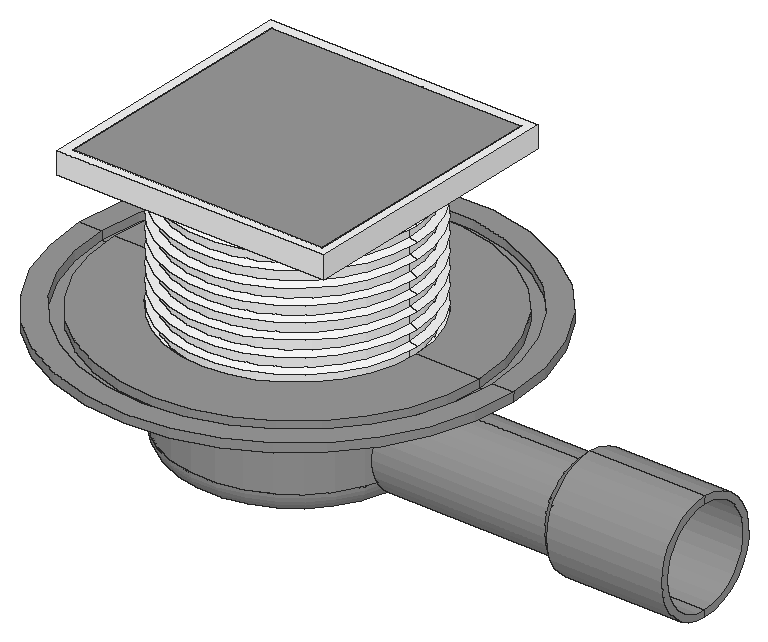
Revit family "HL_Трап для балконов и террас_HL90", category Instalační zařizovací předměty, Revit 2020
Family settings
  Kóta kulaté spojky = Použít průměr
  Typ dílu = Normální
  Číslo OmniClass = 23.70.50.21.24.14
  Nadpis OmniClass = Deck Waste Water Drains
  Založené na pracovní rovině = Ne
  Vždy vertikální = Ano
  Ořezat dutým tvarem při načtení = Ne
  Sdílené = Ne
  Bod výpočtu místnosti = Ano
Parameters (values of type "HL_Трап для балконов и террас_HL90")
  РЕШЁТКА = "Edelstahl 115x115mm"
  РАЗМЕР = "DN40/50"
  ПРОПУСКНАЯ СПОСОБНОСТЬ [instance] = 0.0 L/s
  ПРОИЗВОДИТЕЛЬНОСТЬ = "0,56 l/s"
  ПРАВОВАЯ ИНФОРМАЦИЯ = "\"Авторские права(©), права на дизайн или какие либо другие права интелектуальной собственности являются исключительной собственностью компании HL Hutterer & Lechner. Изменению не подлежит. Файл семейства с данными о прозводителе изделия защищен паролем с водяным знаком.\""
  НОМИНАЛЬНЫЙ ДИАМЕТР [instance] = 50 mm
  НАСАДКА = "12-70mm/123x123mm"
  МАТЕРИАЛ = "PP"
  МАКСИМАЛЬНАЯ НАГРУЗКА КЛАССА = "K3 -300kg"
  ВЫСОТА МОНТАЖА = "57mm"
  ВЕС = "0,425 kg"
  Výrobce = "HL Hutterer & Lechner GmbH"
  Výchozí výška = 0 mm
  URL = "http://www.hutterer-lechner.com/ru/products/catalog/roof-drains/HL90.aspx"
  Материал плитка [instance] = none
  Přípoj ventilace = no
  Přípoj odpadních dílů = yes
  Přípoj HW = no
  Přípoj CW = no
  Popis = "Трап для балконов и террас"
  Model = "HL90"
  Assembly Code = " "
  Komentáře k typům = "Трап для балконов и террасс DN40/50 горизонтальный 123х123мм/115х115мм"
  Keynote = "HL90"
  IH [instance] = Высота монтажа 1 + Высота монтажа 2  # 70 mm
  Высота монтажа 2 [instance] = 0 mm
  Высота монтажа 1 [instance] = 70 mm
  G [instance] = 90.00°  # constant formula
  EAN = "9003076006359"
  D [instance] = if(НОМИНАЛЬНЫЙ ДИАМЕТР = 50 mm, 188 mm, 130 mm)  # 188 mm
  C [instance] = if(IH - 68 mm < 0 mm, 0 mm, IH - 68 mm)  # 2 mm
  B [instance] = IH + 37 mm  # 107 mm
  A [instance] = if(B - 100 mm > 15 mm, B - 100 mm, 15 mm)  # 15 mm
Reference planes
  plane 1 "Center (Front/Back)": y = 0
  plane 2: z = 0
  plane 3 "Center (Left/Right)": x = 0
  plane 4: z = -107
  plane 5: z = -70
  plane 6: z = -70
Lines and regions (mm)
  model lines, style "InvisibleLines"
    curve 1: line (0, 0, 0) -> (0, 0, 20)
  model lines, style "PlumbingFixtures", detail levels coarse+medium
    curve 2: line (0, 0, -107) -> (0, 0, -92)
    curve 3: line (0, 0, -92) -> (-92, 0, 0)
    curve 4: line (0, 0, -92) -> (92, 0, 0)
    curve 6: line (0, 0, -107) -> (188, 0, -107)
  reference lines, not visible
    curve 5: line (0, 0, -107) -> (188, 0, -107)
  symbolic lines, style "PlumbingFixtures", detail levels coarse+medium
    curve 7: line (-75, 75, 0) -> (75, 75, 0)
    curve 8: line (-75, -75, 0) -> (-75, 75, 0)
    curve 9: line (75, -75, 0) -> (-75, -75, 0)
    curve 10: line (75, 75, 0) -> (75, -75, 0)
    curve 11: line (-75, 75, 0) -> (-145.711, 145.711, 0)
    curve 12: line (75, 75, 0) -> (145.711, 145.711, 0)
    curve 13: line (-75, -75, 0) -> (-145.711, -145.711, 0)
    curve 14: line (75, -75, 0) -> (145.711, -145.711, 0)
  symbolic lines, style "PlumbingFixtures", not visible, detail levels coarse+medium
    curve 15: line (-75, 75, 0) -> (75, 75, 0)
    curve 16: line (-75, -75, 0) -> (-75, 75, 0)
    curve 17: line (75, -75, 0) -> (-75, -75, 0)
    curve 18: line (75, 75, 0) -> (75, -75, 0)
    curve 19: line (-75, 75, 0) -> (-145.711, 145.711, 0)
    curve 20: line (75, 75, 0) -> (145.711, 145.711, 0)
    curve 21: line (-75, -75, 0) -> (-145.711, -145.711, 0)
    curve 22: line (75, -75, 0) -> (145.711, -145.711, 0)
Text (mm)
  text "FLOOR" at (-162.344, 0, -10.979), in view "вид строительства"
Dimensions and locks
  "B": plane 2 to plane 4
  "IH": plane 2 to plane 5
  "A": curve 4 to plane 4
  "D": curve 5 to curve 5
  "D": curve 6 to curve 6
  "Высота монтажа 1": plane 2 to plane 6
  locked: curve 4 to plane 3 "Center (Left/Right)" (angle 45.00°)
  locked: plane 3 "Center (Left/Right)" to curve 3 (angle 45.00°)
  "G": angle curve 5 to plane 3 "Center (Left/Right)"
  aligned and locked: level to plane 2
  aligned and locked: plane 2 to curve 4
  aligned and locked: plane 2 to curve 3
  aligned and locked: plane 4 to curve 5
  aligned and locked: plane 3 "Center (Left/Right)" to curve 5
  aligned and locked: plane 4 to curve 2
  aligned and locked: curve 6 to plane 3 "Center (Left/Right)"
  aligned and locked: curve 6 to plane 4
  aligned and locked: plane 2 to nested 3
  aligned and locked: nested 1 to nested 3
  aligned and locked: plane 3 "Center (Left/Right)" to nested 4
  aligned and locked: plane 3 "Center (Left/Right)" to nested 2
  aligned and locked: plane 3 "Center (Left/Right)" to nested 1
  aligned and locked: plane 2 to nested 1
  aligned and locked: nested 2 to nested 1
  aligned and locked: nested 4 to plane 5
Automatic sketch dimensions
  curve 2 to plane 3 "Center (Left/Right)" = 0 mm
  curve 1 to plane 3 "Center (Left/Right)" = 0 mm
  curve 1 to level = 0 mm
  level to curve 1 = 20 mm
Nested families
  nested 1: "HL-Насадка-HL037N.2E" at (0, 0, 0), Высота монтажа <- "Высота монтажа 1", type "HL-Насадка-HL037N.2E"
    with Высота монтажа 70 mm, RN 11, RL 71.5 mm, R yes, NL_Test yes, NL 90 mm
  nested 2: "HL-Песколовка-HL090.0E" at (0, 0, -8), type "HL-Песколовка-HL090.0E"
  nested 3: "HL-Pешётка-HL037Pr.1E" at (0, 0, 0), type "HL_Pешётка_HL037Pr.1E"
  nested 4: "HL-Корпус для трапа внутренних помещений-HL90K" at (0, 0, -70) x (-1, 0, 0) z (0, 0, 1), DN <- "НОМИНАЛЬНЫЙ ДИАМЕТР", type "HL90K_Main Component"
    with V 0 mm, DN 50 mm
Connectors
  piping at (188, 0, -107), diameter 50, driven by "ПРОПУСКНАЯ СПОСОБНОСТЬ", driven by "НОМИНАЛЬНЫЙ ДИАМЕТР"
    settings: on curve 5, index 1, connector inside diameter 609.6 mm, connector length 0 mm, flow factor 0, pipe flow 0.0 L/s, pressure drop 0.0 Pa, fitting loss kfactor 0, connector angle 0.00°, fixture units 0, engagement length 0 mm, angle of deflection 0.00°, flow configuration 1, flow direction 2, fitting loss method 0, system type 16, joint type 0, gender type 0, connector reference index -1, connector utility 0, adjustable connector yes, is connector primary yes, connector description ""
Definition of nested family "HL-Насадка-HL037N.2E"
  Parameters
    РАЗМЕР = "d 110 mm"
    ПРАВОВАЯ ИНФОРМАЦИЯ = "Авторские права(©), права на дизайн или какие либо другие права интелектуальной собственности являются исключительной собственностью компании HL Hutterer & Lechner. Изменению не подлежит. Файл семейства с данными о прозводителе изделия защищен паролем с водяным знаком."  # constant formula
    НАСАДКА = "123x123mm"
    МАТЕРИАЛ = "PP"
    Высота монтажа [instance] = 70 mm
    ВЫСОТА МОНТАЖА = "12-70mm"
    ВЕС = "0,08 [kg]"
    Waste Connection = yes
    Default Elevation = 0 mm
    Vent Connection = no
    RD = 6.5 mm  # constant formula
    R [instance] = ((Высота монтажа - NL_Min) / RD - 1) > 2  # yes
    RL [instance] = if(Высота монтажа < 18 mm, 1 mm, RD * RN)  # 71.5 mm
    NL_Test [instance] = and(or(Высота монтажа < NL_Max, Высота монтажа = NL_Max), or(Высота монтажа > NL_Min, Высота монтажа = NL_Min))  # yes
    NL_Min = 12 mm
    NL_Max = 70 mm
    NL [instance] = if(NL_Test, Высота монтажа + 20 mm, 0 mm)  # 90 mm
    RN [instance] = if((Высота монтажа + 20 mm - NL_Min) / RD - 1 < 2, 2, (Высота монтажа + 20 mm - NL_Min) / RD - 1)  # 11
    Manufacturer = "HL Hutterer & Lechner GmbH"  # constant formula
    URL = "http://www.hutterer-lechner.com/ru/products/catalog/floor-drains/attachments/HL037pr.11e.aspx"
    HW Connection = no
    Description = "Трапы для внутренних помещений - Комплектующие"
    Model = "HL037N.2E"
    Type Comments = "HL037N.2E Насадные подрамники d 110мм/90мм/123х123мм с О-кольцом"
    Keynote = "HL037N.2E"
    EAN = "9003076015290"
    CW Connection = no
  Reference planes
    plane 1 "Center (Front/Back)": y = 0
    plane 2: z = 0
    plane 3 "Center (Left/Right)": x = 0
    plane 4 "Ball Joint Vertical": x = 25.45
    plane 5: z = -90
  Forms (mm)
    Extrusion 1, solid, detail levels fine
      sketch origin (0, 0, 0) x (1, 0, 0) y (0, 1, 0)
        loop
          line (-61.5, 61.5) -> (-61.5, -61.5) -> (61.5, -61.5) -> (61.5, 61.5) -> (-61.5, 61.5)
      from -10 to 0
    Extrusion 2, solid, detail levels fine
      sketch origin (0, 0, 0) x (1, 0, 0) y (0, 1, 0)
        loop
          circle (0, 0) r 51.744
      from -90 to -10
    Extrusion 3, void
      sketch origin (0, 0, 0) x (1, 0, 0) y (0, 1, 0)
        loop
          line (-57.5, 57.5) -> (-57.5, -57.5) -> (57.5, -57.5) -> (57.5, 57.5) -> (-57.5, 57.5)
      from 0 to -8
  Cuts and joins
    Extrusion 3 cuts Extrusion 1
  Lines and regions (mm)
    symbolic lines
      curve 1: line (0, 0, -90) -> (0, 0, 0)
    model lines
      curve 2: line (0, 0, 0) -> (0, 0, 100)
  Text (mm)
    text "ROOF/FLOOR" at (-198.233, 0, -26.556), in view "Drain Construction View"
  Dimensions and locks
    locked: plane 4 "Ball Joint Vertical" to plane 3 "Center (Left/Right)" at 25.45
    "NL": plane 2 to plane 5
    equal spacing: group 1, group 3, group 4, group 5, group 6, group 7, group 8, group 9, group 10, group 11, group 2  (x3)
    "RL": nested 2 to nested 1
    locked: nested 1 to plane 5 at 1.516
    aligned and locked: level to plane 2
    aligned and locked: plane 3 "Center (Left/Right)" to nested 1
    aligned and locked: plane 1 "Center (Front/Back)" to nested 1
    aligned and locked: plane 2 to curve 1
    aligned and locked: plane 5 to curve 1
    aligned and locked: Extrusion 2 to plane 5
  Automatic sketch dimensions
    Extrusion 1 sketch curve to plane 3 "Center (Left/Right)" = 61.5 mm
    plane 4 "Ball Joint Vertical" to Extrusion 1 sketch curve = 36.05 mm
    plane 1 "Center (Front/Back)" to Extrusion 1 sketch curve = 61.5 mm
    Extrusion 1 sketch curve to plane 1 "Center (Front/Back)" = 61.5 mm
    plane 1 "Center (Front/Back)" to Extrusion 2 sketch curve = 0 mm
    Extrusion 2 sketch curve to plane 3 "Center (Left/Right)" = 0 mm
    Extrusion 3 sketch curve to plane 3 "Center (Left/Right)" = 57.5 mm
    plane 4 "Ball Joint Vertical" to Extrusion 3 sketch curve = 32.05 mm
    plane 1 "Center (Front/Back)" to Extrusion 3 sketch curve = 57.5 mm
    Extrusion 3 sketch curve to plane 1 "Center (Front/Back)" = 57.5 mm
    curve 2 to plane 3 "Center (Left/Right)" = 0 mm
    level to curve 2 = 100 mm
    radius of Extrusion 2 sketch curve = 51.744 mm
  Nested families
    nested 1: "Ring" at (0, 0, -88.484), visible <- "R", type "Ring"
    nested 2: "Ring" at (0, 0, -16.984), visible <- "R", type "Ring"
    nested 3: "Ring" at (0, 0, -81.334), visible <- "R", type "Ring"
    nested 4: "Ring" at (0, 0, -74.184), visible <- "R", type "Ring"
    nested 5: "Ring" at (0, 0, -67.034), visible <- "R", type "Ring"
    nested 6: "Ring" at (0, 0, -59.884), visible <- "R", type "Ring"
    nested 7: "Ring" at (0, 0, -52.734), visible <- "R", type "Ring"
    nested 8: "Ring" at (0, 0, -45.584), visible <- "R", type "Ring"
    nested 9: "Ring" at (0, 0, -38.434), visible <- "R", type "Ring"
    nested 10: "Ring" at (0, 0, -31.284), visible <- "R", type "Ring"
    nested 11: "Ring" at (0, 0, -24.134), visible <- "R", type "Ring"
  Definition of nested family "Ring"
    Parameters (values of type "Ring")
      Manufacturer = ""
      Default Elevation = 0 mm
      URL = ""
      R = D / 2  # 51.5 mm
      Description = ""
      Model = ""
      Material = none
      Type Comments = ""
      D = 103 mm
      Cost = 0
    Reference planes
      plane 1 "Střed (vpředu/vzadu)": y = 0
      plane 2: z = 0
      plane 3 "Střed (vlevo/vpravo)": x = 0
    Forms (mm)
      Revolve 1, solid, material <- "Material", detail levels fine
        sketch origin (0, 0, 0) x (1, 0, 0) y (0, 0, 1)
          loop
            line (-51.5, 1.482) -> (-54.764, 0) -> (-51.5, -1.516) -> (-51.5, 1.482)
          axis (0, 1.482) -> (0, -1.516)
        angle from 0 to 360
    Dimensions and locks
      "R": Revolve 1 sketch curve to plane 3 "Střed (vlevo/vpravo)"
      aligned and locked: level to plane 2
      aligned and locked: Revolve 1 sketch curve to plane 3 "Střed (vlevo/vpravo)"
    Automatic sketch dimensions
      Revolve 1 sketch curve to level = 0 mm
      Revolve 1 sketch curve to Revolve 1 sketch curve = 3.264 mm
      Revolve 1 sketch curve to level = 1.516 mm
      level to Revolve 1 sketch curve = 1.482 mm
      Revolve 1 sketch curve to level = 381 mm
      Revolve 1 sketch curve to Revolve 1 sketch curve = 2212.833 mm
Definition of nested family "HL-Песколовка-HL090.0E"
  Parameters (values of type "HL-Песколовка-HL090.0E")
    ПРАВОВАЯ ИНФОРМАЦИЯ = "\"Авторские права(©), права на дизайн или какие либо другие права интелектуальной собственности являются исключительной собственностью компании HL Hutterer & Lechner. Изменению не подлежит. Файл семейства с данными о прозводителе изделия защищен паролем с водяным знаком.\""
    МАТЕРИАЛ = "PP"
    ВЕС = "0,016 kg"
    Manufacturer = "HL Hutterer & Lechner GmbH"
    Default Elevation = 0 mm
    URL = "http://www.hutterer-lechner.com/ru/products/catalog/roof-drains/HL090.0E.aspx"
    Description = "Песколовка"
    Model = "HL090.0E"
    Материал = none
    Type Comments = "Песколовка (HL90)"
    Keynote = "HL090.0E"
    Высота монтажа [instance] = 0 mm
    EAN = "9003076015542"
    Cost = 0
  Reference planes
    plane 1 "Střed (vpředu/vzadu)": y = 0
    plane 2: z = 0
    plane 3 "Střed (vlevo/vpravo)": x = 0
  Forms (mm)
    Extrusion 1, solid, material <- "Материал", detail levels fine
      sketch origin (0, 0, 0) x (1, 0, 0) y (0, 1, 0)
        loop
          circle (0, 0) r 49.7
        loop
          circle (0, 0) r 46.965
      from 0 to -32
    Extrusion 2, solid, material <- "Материал", detail levels fine
      sketch origin (0, 0, 0) x (1, 0, 0) y (0, 1, 0)
        loop
          circle (0, 0) r 47.908
      from -32 to -30
    Extrusion 3, solid, material <- "Материал", detail levels fine
      sketch origin (0, 0, 0) x (1, 0, 0) y (0, 1, 0)
        loop
          arc (-10, 45.888) -> (0, 46.965) -> (10, 45.888) r 46.965
          line (10, 45.888) -> (10, 47.864)
          arc (10, 47.864) -> (8.715, 51.212) -> (5.519, 52.84) r 5.004
          arc (5.519, 52.84) -> (2.763, 53.057) -> (0, 53.129) r 52.802
          arc (0, 53.129) -> (-2.763, 53.057) -> (-5.519, 52.84) r 52.802
          arc (-5.519, 52.84) -> (-8.715, 51.212) -> (-10, 47.864) r 5.004
          line (-10, 47.864) -> (-10, 45.888)
      from 0 to -2
    Extrusion 4, solid, material <- "Материал", detail levels fine
      sketch origin (0, 0, 0) x (0, -1, 0) y (1, 0, 0)
        loop
          line (-10, -45.888) -> (-10, -47.864)
          arc (-10, -47.864) -> (-8.715, -51.212) -> (-5.519, -52.84) r 5.004
          arc (-5.519, -52.84) -> (-2.763, -53.057) -> (0, -53.129) r 52.802
          arc (0, -53.129) -> (2.763, -53.057) -> (5.519, -52.84) r 52.802
          arc (5.519, -52.84) -> (8.715, -51.212) -> (10, -47.864) r 5.004
          line (10, -47.864) -> (10, -45.888)
          arc (10, -45.888) -> (0, -46.965) -> (-10, -45.888) r 46.965
      from 0 to -2
    Extrusion 5, solid, material <- "Материал", detail levels fine
      sketch origin (0, 0, 0) x (0, -1, 0) y (1, 0, 0)
        loop
          arc (-10, 45.888) -> (0, 46.965) -> (10, 45.888) r 46.965
          line (10, 45.888) -> (10, 47.864)
          arc (10, 47.864) -> (8.715, 51.212) -> (5.519, 52.84) r 5.004
          arc (5.519, 52.84) -> (2.763, 53.057) -> (0, 53.129) r 52.802
          arc (0, 53.129) -> (-2.763, 53.057) -> (-5.519, 52.84) r 52.802
          arc (-5.519, 52.84) -> (-8.715, 51.212) -> (-10, 47.864) r 5.004
          line (-10, 47.864) -> (-10, 45.888)
      from 0 to -2
    Extrusion 6, solid, material <- "Материал", detail levels fine
      sketch origin (0, 0, 0) x (1, 0, 0) y (0, 1, 0)
        loop
          line (-10, -45.888) -> (-10, -47.864)
          arc (-10, -47.864) -> (-8.715, -51.212) -> (-5.519, -52.84) r 5.004
          arc (-5.519, -52.84) -> (-2.763, -53.057) -> (0, -53.129) r 52.802
          arc (0, -53.129) -> (2.763, -53.057) -> (5.519, -52.84) r 52.802
          arc (5.519, -52.84) -> (8.715, -51.212) -> (10, -47.864) r 5.004
          line (10, -47.864) -> (10, -45.888)
          arc (10, -45.888) -> (0, -46.965) -> (-10, -45.888) r 46.965
      from 0 to -2
    Extrusion 7, solid, material <- "Материал", detail levels fine
      sketch origin (0, 0, 0) x (1, 0, 0) y (0, 0, 1)
        loop
          line (-14.091, -30) -> (14, -30) -> (7.496, -19.038) -> (-7.504, -19.038) -> (-14.091, -30)
      from -0.969 to 1.035
  Cuts and joins
    joined: Extrusion 1, Extrusion 2, Extrusion 3, Extrusion 4, Extrusion 5, Extrusion 6, Extrusion 7
  Dimensions and locks
    aligned and locked: level to plane 2
Definition of nested family "HL-Pешётка-HL037Pr.1E"
  Parameters
    РАЗМЕР = "115x115mm"
    ПРАВОВАЯ ИНФОРМАЦИЯ = "\"Авторские права(©), права на дизайн или какие либо другие права интелектуальной собственности являются исключительной собственностью компании HL Hutterer & Lechner. Изменению не подлежит. Файл семейства с данными о прозводителе изделия защищен паролем с водяным знаком.\""
    МАТЕРИАЛ = "Edelstahl"
    МАКСИМАЛЬНАЯ НАГРУЗКА КЛАССА = "K - 300kg"
    ВЕС = "0,156 kg"
    Waste Connection = no
    Default Elevation = 0 mm
    Vent Connection = no
    Manufacturer = "HL Hutterer & Lechner GmbH"
    URL = "http://www.hutterer-lechner.com/ru/Products/catalog/floor-drains/HL037Pr.1E.aspx"
    HW Connection = no
    Description = "Решётка из нержавеющей стали"
    Model = "HL037Pr.1E"
    Type Comments = "Решётка из нержавеющей стали 115х115 мм для надставного элемента с \"СУХИМ\" сифоном PRIMUS."
    Keynote = "HL037Pr.1E"
    EAN = "9003076028474"
    CW Connection = no
  Reference planes
    plane 1 "Center (Front/Back)": y = 0
    plane 2: z = 0
    plane 3 "Center (Left/Right)": x = 0
    plane 4 "Ball Joint Vertical": x = 25.45
  Forms (mm)
    Extrusion 1, solid, detail levels fine
      sketch origin (0, 0, 0) x (1, 0, 0) y (0, 1, 0)
        loop
          line (-57.5, 57.5) -> (-57.5, -57.5) -> (57.5, -57.5) -> (57.5, 57.5) -> (-57.5, 57.5)
      from 0 to -5
  Lines and regions (mm)
    model lines
      curve 1: line (0, 0, 0) -> (0, 0, 100)
    model lines, detail levels fine
      curve 2: arc (24.51, 37.122, 0) -> (-0.569, 45.077, 0) -> (-25.475, 36.597, 0) r 42.117
      curve 3: arc (-25.475, 36.597, 0) -> (-26.494, 31.803, 0) -> (-21.888, 30.126, 0) r 3.736
      curve 4: arc (24.51, 37.122, 0) -> (26.725, 32.303, 0) -> (21.888, 30.126, 0) r 3.736
      curve 5: arc (21.888, 30.126, 0) -> (0, 36.877, 0) -> (-21.888, 30.126, 0) r 38.859
      curve 6: arc (-37.122, -24.51, 0) -> (-45.077, 0.569, 0) -> (-36.597, 25.475, 0) r 42.117
      curve 7: arc (-36.597, 25.475, 0) -> (-31.803, 26.494, 0) -> (-30.126, 21.888, 0) r 3.736
      curve 8: arc (-37.122, -24.51, 0) -> (-32.303, -26.725, 0) -> (-30.126, -21.888, 0) r 3.736
      curve 9: arc (-30.126, -21.888, 0) -> (-36.877, 0, 0) -> (-30.126, 21.888, 0) r 38.859
      curve 10: arc (37.122, -24.51, 0) -> (45.077, 0.569, 0) -> (36.597, 25.475, 0) r 42.117
      curve 11: arc (36.597, 25.475, 0) -> (31.803, 26.494, 0) -> (30.126, 21.888, 0) r 3.736
      curve 12: arc (37.122, -24.51, 0) -> (32.303, -26.725, 0) -> (30.126, -21.888, 0) r 3.736
      curve 13: arc (30.126, -21.888, 0) -> (36.877, 0, 0) -> (30.126, 21.888, 0) r 38.859
      curve 14: arc (24.51, -37.122, 0) -> (-0.569, -45.077, 0) -> (-25.475, -36.597, 0) r 42.117
      curve 15: arc (-25.475, -36.597, 0) -> (-26.494, -31.803, 0) -> (-21.888, -30.126, 0) r 3.736
      curve 16: arc (24.51, -37.122, 0) -> (26.725, -32.303, 0) -> (21.888, -30.126, 0) r 3.736
      curve 17: arc (21.888, -30.126, 0) -> (0, -36.877, 0) -> (-21.888, -30.126, 0) r 38.859
  Text (mm)
    text "ROOF/FLOOR" at (-198.233, 0, -26.556), in view "вид строительства"
  Dimensions and locks
    locked: plane 4 "Ball Joint Vertical" to plane 3 "Center (Left/Right)" at 25.45
    aligned and locked: level to plane 2
Definition of nested family "HL-Корпус для трапа внутренних помещений-HL90K"
  Parameters (values of type "HL90K_Main Component")
    РАЗМЕР = "DN40/50"
    ПРАВОВАЯ ИНФОРМАЦИЯ = "Авторские права(©), права на дизайн или какие либо другие права интелектуальной собственности являются исключительной собственностью компании HL Hutterer & Lechner. Изменению не подлежит. Файл семейства с данными о прозводителе изделия защищен паролем с водяным знаком."  # constant formula
    МАТЕРИАЛ = "PP"
    ВЫСОТА МОНТАЖА = "57 mm"
    ВЕС = "0,218 [kg]"
    Waste Connection = yes
    Default Elevation = 0 mm
    Vent Connection = no
    Manufacturer = "HL Hutterer & Lechner GmbH"  # constant formula
    V [instance] = if(DN = 40 mm, 58 mm, 0 mm)  # 0 mm
    URL = "http://www.hutterer-lechner.com/ru/Products/catalog/floor-drains/attachments/HL90K.aspx"
    Assembly Code = "Main Component"
    HW Connection = no
    Description = "Трапы для внутренних помещений - Комплектующие"
    Model = "HL90K"
    Type Comments = "Корпус трапа для балконов и террасс DN40/50 горизонтальный"
    Keynote = "HL90K"
    EAN = "9003076013395"
    DN [instance] = 50 mm
    CW Connection = no
  Reference planes
    plane 1 "Center (Front/Back)": y = 0
    plane 2: z = 0
    plane 3 "Center (Left/Right)": x = 0
    plane 4 "Ball Joint Vertical": x = 25.45
  Forms (mm)
    Revolve 1, solid, detail levels fine
      sketch origin (0, 0, 0) x (1, 0, 0) y (0, 0, 1)
        loop
          line (-188, -12) -> (-188, -15) -> (-136.243, -15) -> (-131.243, -20) -> (-41.649, -20) -> (-41.649, -17) -> (-130, -17) -> (-135, -12) -> (-188, -12)
        axis (-188, -37) -> (-41.649, -37)
      angle from 0 to 360
    Revolve 2, solid, detail levels fine
      sketch origin (0, 0, 0) x (1, 0, 0) y (0, 0, 1)
        loop
          line (100, -4) -> (100, 0) -> (90, 0) -> (90, -4) -> (84.001, -4) -> (84.001, 0) -> (55.35, 0) -> (55.35, -20) -> (51, -20) -> (51, -47)
          arc (51, -47) -> (48.95, -51.95) -> (44, -54) r 7
          line (44, -54) -> (0, -54) -> (0, -57) -> (44, -57)
          arc (44, -57) -> (51.071, -54.071) -> (54, -47) r 10
          line (54, -47) -> (54, -24.5) -> (58.5, -24.5) -> (58.5, -7) -> (93, -7) -> (93, -4) -> (100, -4)
        axis (0, 0) -> (0, -57)
      angle from 0 to 360
    Revolve 3, void
      sketch origin (0, 0, 0) x (1, 0, 0) y (0, 0, 1)
        loop
          line (26, -54) -> (44, -54)
          arc (44, -54) -> (48.95, -51.95) -> (51, -47) r 7
          line (51, -47) -> (51, -20) -> (55.35, -20) -> (55.35, -14.5) -> (41, -14.5) -> (41, -44) -> (26, -44) -> (26, -54)
        axis (0, -14.5) -> (0, -54)
      angle from 0 to 360
    Extrusion 4, void
      sketch origin (0, 0, 0) x (0, 1, 0) y (0, 0, 1)
        loop
          circle (0, -37) r 17
      from -36.616 to -121.62
    Extrusion 5, void
      sketch origin (-188, 0, -37) x (0, 0, -1) y (0, 1, 0)
        loop
          line (-37, 37.5) -> (-37, -37.5) -> (38, -37.5) -> (38, 37.5) -> (-37, 37.5)
      from -10 to 0 <- "V"
  Cuts and joins
    Revolve 3, Extrusion 4, Extrusion 5 cuts Revolve 1
    Revolve 3, Extrusion 4 cuts Revolve 2
  Lines and regions (mm)
    model lines, detail levels fine
      curve 1: line (18.25, 16.225, -54) -> (9.75, 16.225, -54)
      curve 2: line (15.625, 14.475, -54) -> (18.25, 14.475, -54)
      curve 3: line (9.75, 14.475, -54) -> (12.375, 14.475, -54)
      curve 4: line (12.375, 9.975, -54) -> (9.75, 9.975, -54)
      curve 5: line (18.25, 9.975, -54) -> (15.625, 9.975, -54)
      curve 6: line (9.75, 8.225, -54) -> (18.25, 8.225, -54)
      curve 7: line (14.875, 10.725, -54) -> (14.875, 13.725, -54)
      curve 8: line (13.125, 13.725, -54) -> (13.125, 10.725, -54)
      curve 9: line (18.25, 6.425, -54) -> (9.75, 6.425, -54)
      curve 10: line (11.5, 4.675, -54) -> (18.25, 4.675, -54)
      curve 11: line (10.75, 0.675, -54) -> (10.75, 3.925, -54)
      curve 12: line (9, 5.675, -54) -> (9, 0.675, -54)
      curve 13: line (18, -2.675, -54) -> (14.325, -2.675, -54)
      curve 14: line (19, -7.425, -54) -> (19, -3.675, -54)
      curve 15: line (10, -8.425, -54) -> (18, -8.425, -54)
      curve 16: line (10.75, -5.925, -54) -> (10.75, -3.425, -54)
      curve 17: line (9, -3.425, -54) -> (9, -7.425, -54)
      curve 18: line (12.575, -6.675, -54) -> (11.5, -6.675, -54)
      curve 19: line (13.325, -3.675, -54) -> (13.325, -5.925, -54)
      curve 20: line (11.5, -11.975, -54) -> (16.5, -11.975, -54)
      curve 21: line (10.75, -13.725, -54) -> (10.75, -12.725, -54)
      curve 22: line (16.5, -14.475, -54) -> (11.5, -14.475, -54)
      curve 23: line (17.25, -12.725, -54) -> (17.25, -13.725, -54)
      curve 24: line (19, -13.725, -54) -> (19, -12.725, -54)
      curve 25: line (16.5, -10.225, -54) -> (11.5, -10.225, -54)
      curve 26: line (9, -12.725, -54) -> (9, -13.725, -54)
      curve 27: line (11.5, -16.225, -54) -> (16.5, -16.225, -54)
      curve 28: arc (12.375, 14.475, -54) -> (12.905, 14.255, -54) -> (13.125, 13.725, -54) r 0.75
      curve 29: arc (14.875, 13.725, -54) -> (15.095, 14.255, -54) -> (15.625, 14.475, -54) r 0.75
      curve 30: arc (14.875, 10.725, -54) -> (15.095, 10.195, -54) -> (15.625, 9.975, -54) r 0.75
      curve 31: arc (13.125, 10.725, -54) -> (12.905, 10.195, -54) -> (12.375, 9.975, -54) r 0.75
      curve 32: arc (9.75, 6.425, -54) -> (9.22, 6.205, -54) -> (9, 5.675, -54) r 0.75
      curve 33: arc (11.5, 4.675, -54) -> (10.97, 4.455, -54) -> (10.75, 3.925, -54) r 0.75
      curve 34: arc (15.075, -5.175, -54) -> (15.295, -4.645, -54) -> (15.825, -4.425, -54) r 0.75
      curve 35: arc (16.5, -4.425, -54) -> (17.03, -4.645, -54) -> (17.25, -5.175, -54) r 0.75
      curve 36: arc (17.25, -5.925, -54) -> (17.03, -6.455, -54) -> (16.5, -6.675, -54) r 0.75
      curve 37: arc (15.825, -6.675, -54) -> (15.295, -6.455, -54) -> (15.075, -5.925, -54) r 0.75
      curve 38: arc (18, -8.425, -54) -> (18.707, -8.132, -54) -> (19, -7.425, -54) r 1
      curve 39: arc (19, -3.675, -54) -> (18.707, -2.968, -54) -> (18, -2.675, -54) r 1
      curve 40: arc (14.325, -2.675, -54) -> (13.618, -2.968, -54) -> (13.325, -3.675, -54) r 1
      curve 41: arc (12.575, -6.675, -54) -> (13.105, -6.455, -54) -> (13.325, -5.925, -54) r 0.75
      curve 42: arc (11.5, -6.675, -54) -> (10.97, -6.455, -54) -> (10.75, -5.925, -54) r 0.75
      curve 43: arc (9, -7.425, -54) -> (9.293, -8.132, -54) -> (10, -8.425, -54) r 1
      curve 44: arc (16.5, -10.225, -54) -> (18.268, -10.957, -54) -> (19, -12.725, -54) r 2.5
      curve 45: arc (11.5, -10.225, -54) -> (9.732, -10.957, -54) -> (9, -12.725, -54) r 2.5
      curve 46: arc (9, -13.725, -54) -> (9.732, -15.493, -54) -> (11.5, -16.225, -54) r 2.5
      curve 47: arc (11.5, -14.475, -54) -> (10.97, -14.255, -54) -> (10.75, -13.725, -54) r 0.75
      curve 48: arc (10.75, -12.725, -54) -> (10.97, -12.195, -54) -> (11.5, -11.975, -54) r 0.75
      curve 49: arc (16.5, -11.975, -54) -> (17.03, -12.195, -54) -> (17.25, -12.725, -54) r 0.75
      curve 50: arc (17.25, -13.725, -54) -> (17.03, -14.255, -54) -> (16.5, -14.475, -54) r 0.75
      curve 51: arc (16.5, -16.225, -54) -> (18.268, -15.493, -54) -> (19, -13.725, -54) r 2.5
      curve 52: line (19, 15.225, -54) -> (19, 15.475, -54)
      curve 53: arc (18.25, 16.225, -54) -> (18.78, 16.005, -54) -> (19, 15.475, -54) r 0.75
      curve 54: arc (19, 15.225, -54) -> (18.78, 14.695, -54) -> (18.25, 14.475, -54) r 0.75
      curve 55: line (9, 15.225, -54) -> (9, 15.475, -54)
      curve 56: arc (9.75, 16.225, -54) -> (9.22, 16.005, -54) -> (9, 15.475, -54) r 0.75
      curve 57: arc (9, 15.225, -54) -> (9.22, 14.695, -54) -> (9.75, 14.475, -54) r 0.75
      curve 58: line (19, 9.225, -54) -> (19, 8.975, -54)
      curve 59: arc (18.25, 8.225, -54) -> (18.78, 8.445, -54) -> (19, 8.975, -54) r 0.75
      curve 60: arc (19, 9.225, -54) -> (18.78, 9.755, -54) -> (18.25, 9.975, -54) r 0.75
      curve 61: line (9, 9.225, -54) -> (9, 8.975, -54)
      curve 62: arc (9.75, 8.225, -54) -> (9.22, 8.445, -54) -> (9, 8.975, -54) r 0.75
      curve 63: arc (9, 9.225, -54) -> (9.22, 9.755, -54) -> (9.75, 9.975, -54) r 0.75
      curve 64: line (19, 5.675, -54) -> (19, 5.425, -54)
      curve 65: arc (18.25, 4.675, -54) -> (18.78, 4.895, -54) -> (19, 5.425, -54) r 0.75
      curve 66: arc (19, 5.675, -54) -> (18.78, 6.205, -54) -> (18.25, 6.425, -54) r 0.75
      curve 67: line (9.75, -0.075, -54) -> (10, -0.075, -54)
      curve 68: arc (9, 0.675, -54) -> (9.22, 0.145, -54) -> (9.75, -0.075, -54) r 0.75
      curve 69: arc (10, -0.075, -54) -> (10.53, 0.145, -54) -> (10.75, 0.675, -54) r 0.75
      curve 70: line (15.825, -4.425, -54) -> (16.5, -4.425, -54)
      curve 71: line (17.25, -5.175, -54) -> (17.25, -5.925, -54)
      curve 72: line (16.5, -6.675, -54) -> (15.825, -6.675, -54)
      curve 73: line (15.075, -5.925, -54) -> (15.075, -5.175, -54)
      curve 74: line (10, -2.675, -54) -> (9.75, -2.675, -54)
      curve 75: arc (9, -3.425, -54) -> (9.22, -2.895, -54) -> (9.75, -2.675, -54) r 0.75
      curve 76: arc (10, -2.675, -54) -> (10.53, -2.895, -54) -> (10.75, -3.425, -54) r 0.75
  Text (mm)
    text "ROOF/FLOOR" at (-198.233, 0, -26.556), in view "Drain Construction View"
  Dimensions and locks
    locked: plane 4 "Ball Joint Vertical" to plane 3 "Center (Left/Right)" at 25.45
    aligned and locked: level to plane 2
